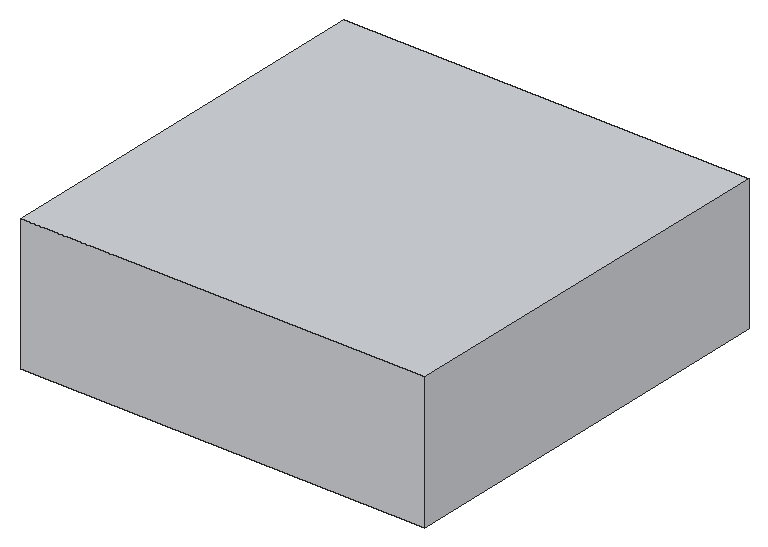
Revit family "357a32b7556b440ca468099fe1af90b6", category Security Devices, host Face, Revit 2021
Family settings
  Host = Face
  Maintain Annotation Orientation = Yes
  Round Connector Dimension = Use Diameter
  Part Type = Normal
  OmniClass Number = 23.85.30.11.17
  OmniClass Title = Electronic Key Systems
  Seek Item ID = Key Card-0000-USA-ENU
  Cut with Voids When Loaded = No
  Shared = No
  Room Calculation Point = No
Parameters (values of type "Standard")
  Label = "K"
  Default Elevation = 4' - 0"
  Width = 0' - 3 3/8"
  Material = none
  Length = 0' - 3 3/8"
  Height = 0' - 1 1/8"
Reference planes (in)
  plane 1 "Center (Front/Back)": y = 0
  plane 2: z = 0
  plane 3 "Center (Left/Right)": x = 0
  plane 4: y = -3.375
  plane 5: x = -1.6875
  plane 6: x = 1.6875
  plane 7: z = 1.125
Forms (in)
  Extrusion 1, solid, material <- "Material"
    sketch origin (0, 0, 0) x (1, 0, 0) y (0, 1, 0)
      loop
        line (-1.6875, 0) -> (-1.6875, -3.375) -> (1.6875, -3.375) -> (1.6875, 0) -> (-1.6875, 0)
    from 0 to 1.125
Lines and regions (in)
  symbolic lines, detail levels fine
    curve 1: line (1.6875, 0, 1.125) -> (-1.6875, 0, 1.125)
    curve 2: line (-1.6875, 0, 1.125) -> (-1.6875, 0, 0)
    curve 3: line (1.6875, 0, 0) -> (1.6875, 0, 1.125)
    curve 4: line (1.6875, 0, 0) -> (-1.6875, 0, 0)
Dimensions and locks (in)
  equal spacing: plane 5, plane 3 "Center (Left/Right)", plane 6
  "Length": plane 5 to plane 6
  "Width": plane 1 "Center (Front/Back)" to plane 4
  "Height": plane 7 to plane 2
  aligned and locked: plane 2 to host face
  aligned and locked: level to host face
  aligned and locked: plane 5 to Extrusion 1 sketch curve
  aligned and locked: plane 1 "Center (Front/Back)" to Extrusion 1 sketch curve
  aligned and locked: plane 4 to Extrusion 1 sketch curve
  aligned and locked: Extrusion 1 sketch curve to plane 6
  aligned and locked: Extrusion 1 to plane 2
  aligned and locked: plane 7 to Extrusion 1
  aligned and locked: curve 1 to Extrusion 1
  aligned and locked: curve 2 to Extrusion 1
  aligned and locked: curve 3 to Extrusion 1
  aligned and locked: curve 4 to Extrusion 1
  aligned and locked: plane 1 "Center (Front/Back)" to nested 1
  aligned and locked: plane 3 "Center (Left/Right)" to nested 1
Automatic sketch dimensions
  host sketch curve to host sketch curve = 8' - 0"  (x2)
Nested families (in)
  nested 1: "Key Card Annotation" at (0, 0, 0), type "Key Card Annotation", detail levels coarse+medium
Connectors (in)
  electrical at (0, -1.6875, 0)
    settings: on Extrusion 1, index 1, voltage 0 V, apparent load 0 VA, apparent load phase1 0 VA, apparent load phase2 0 VA, apparent load phase3 0 VA, power factor 1, load classification "Other", number of poles 1, system type 10, power factor state 1, is connector primary yes, connector utility no, sub classification motor no, connector description ""
Definition of nested family "Key Card Annotation"
  Parameters
    Label Annotation = "K"
  Reference planes (in)
    plane 1: y = 0
    plane 2: x = 0
  Lines and regions (in)
    reference lines
      curve 1: line (-0.39894, 0.1875, 0) -> (1.0709, 0.1875, 0)
      curve 2: line (-0.09375, 0.25988, 0) -> (-0.09375, -0.13095, 0)
      curve 3: line (0.09375, 0.29103, 0) -> (0.09375, -0.18193, 0)
    detail lines
      curve 4: line (-0.09375, 0.1875, 0) -> (0.09375, 0.1875, 0)
      curve 5: line (-0.09375, 0, 0) -> (-0.09375, 0.1875, 0)
      curve 6: line (0.09375, 0, 0) -> (-0.09375, 0, 0)
      curve 7: line (0.09375, 0.1875, 0) -> (0.09375, 0, 0)
  Text (in)
    label "D" at (-0.04542, 0.0813, 0), shows "Label Annotation"
  Dimensions and locks (in)
    locked: plane 1 to curve 1 at 0.1875
    locked: curve 2 to plane 2 at 0.09375
    locked: plane 2 to curve 3 at 0.09375
    aligned and locked: curve 1 to curve 4
    aligned and locked: curve 3 to curve 7
    aligned and locked: curve 6 to plane 1
    aligned and locked: curve 5 to curve 2
